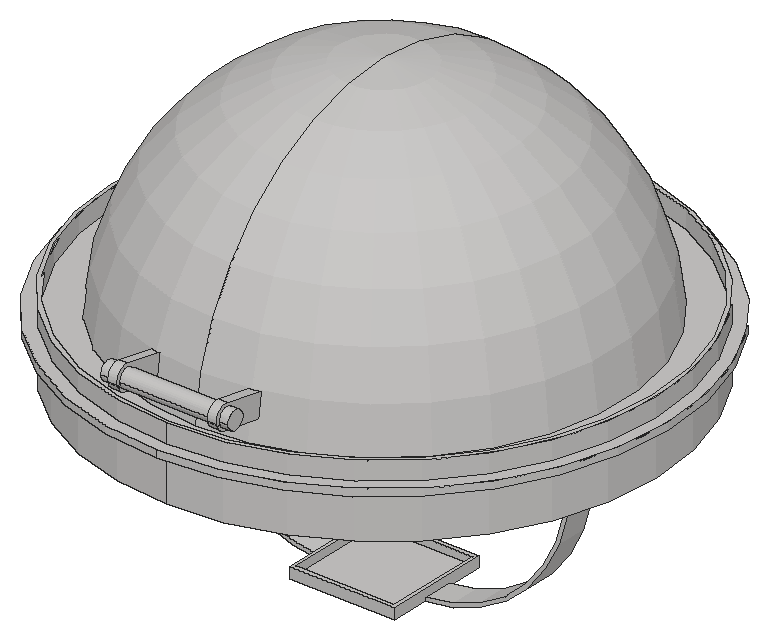
Revit family "QF_Vollrath_DI_46268", category Specialty Equipment, Revit 2016
Family settings
  Part Type = Normal
  Round Connector Dimension = Use Diameter
  OmniClass Number = 23.40.40.14
  OmniClass Title = Food Service Equipment
  Work Plane-Based = No
  Always vertical = Yes
  Cut with Voids When Loaded = No
  Shared = No
  Room Calculation Point = No
Parameters
  Weight in Pounds = 30.36
  Watermarked By = "http://revitwatermark.com"
  URL Cutsheet = ""
  URL = "www.vollrathco.com"
  Status [instance] = ""
  Specification by User [instance] = ""
  Specification by Manufacturer [instance] = ""
  Serial Number [instance] = ""
  Seismic Rating [instance] = ""
  SMACNA No [instance] = ""
  Revision Code [instance] = ""
  NAFEM Spec ID Number [instance] = ""
  Model = "46268"
  Masterspec [instance] = ""
  Manufacturer = "Vollrath"
  Item Number [instance] = "-"
  Installed By [instance] = ""
  Height AFF [instance] = 3' - 0"
  Furnished By [instance] = ""
  Foodservice Equipment Identifier [instance] = yes
  Description = "Drop-In Chafer: New York, New York"
  CSI MasterFormat = "11 40 00"
  Assembly Code = "E1090310"
Reference planes (in)
  plane 1 "BACK": y = 0
  plane 2: z = 0
  plane 3 "LEFT": x = -12
  plane 4 "RIGHT": x = 7.125
  plane 5 "FRONT": y = -19.125
  plane 6 "Table Top": z = 36
  plane 7 "Center LR": y = -9.5625
  plane 8 "Center FB": x = -2.4375
  plane 9: z = 36.25
  plane 10: z = 36.875
  plane 11 "Handle": z = 37.5
  plane 12: z = 34.375
  plane 13: z = 32.875
  plane 14 "BOTTOM": z = 28.125
  plane 15: z = 28.5
  plane 16: x = -4.25
  plane 17: x = -0.625
  plane 18: y = -7.75
  plane 19: y = -11.375
Forms (in)
  Extrusion 1, solid, material "QF_Finishes_Stainless Steel"
    sketch origin (0, 0, 36) x (0, 1, 0) y (-1, 0, 0)
      loop
        circle (-9.5625, 2.4375) r 9.8125
    from 0 to 0.25
  Extrusion 2, solid, material "QF_Finishes_Stainless Steel"
    sketch origin (0, 0, 36) x (0, 1, 0) y (-1, 0, 0)
      loop
        circle (-9.5625, 2.4375) r 9.375
      loop
        circle (-9.5625, 2.4375) r 9.25
    from 0 to 0.875
  Revolve 3, solid, material "QF_Finishes_Polished Steel"
    sketch origin (-2.4375, 0, 0) x (0, 1, 0) y (0, 0, 1)
      loop
        line (-9.5625, 36.25) -> (-1.4375, 36.25)
        arc (-1.4375, 36.25) -> (-3.94157, 41.77709) -> (-9.5625, 44.06275) r 8.18775
        line (-9.5625, 44.06275) -> (-9.5625, 36.25)
      axis (-9.5625, 44.06275) -> (-9.5625, 36.25)
    angle from 0 to 360
  Extrusion 4, solid, material "QF_Finishes_Polished Steel"
    sketch origin (-2.4375, 3.16906, 0) x (0, 1, 0) y (0, 0, 1)
      loop
        line (-19.85058, 37.66823) -> (-21.8103, 38.04916)
        arc (-21.8103, 38.04916) -> (-22.2866, 37.72789) -> (-21.96533, 37.25159) r 0.40625
        line (-21.96533, 37.25159) -> (-20.00478, 36.87049)
        arc (-20.00478, 36.87049) -> (-19.94067, 37.27187) -> (-19.85058, 37.66823) r 6.24134
      loop
        circle (-21.88781, 37.65037) r 0.3125
    from 1.5625 to 1.875
  Extrusion 5, solid, material "QF_Finishes_Polished Steel"
    sketch origin (-2.4375, 3.16906, 0) x (0, 1, 0) y (0, 0, 1)
      loop
        line (-19.88689, 37.67529) -> (-21.8103, 38.04916)
        arc (-21.8103, 38.04916) -> (-22.2866, 37.72789) -> (-21.96533, 37.25159) r 0.40625
        line (-21.96533, 37.25159) -> (-20.02267, 36.87397)
        arc (-20.02267, 36.87397) -> (-19.96784, 37.27684) -> (-19.88689, 37.67529) r 6.24134
      loop
        circle (-21.88781, 37.65037) r 0.3125
    from -1.5625 to -1.875
  Extrusion 6, solid, material "QF_Finishes_Polished Steel"
    sketch origin (-2.4375, 3.16906, 0) x (0, 1, 0) y (0, 0, 1)
      loop
        circle (-21.88781, 37.65037) r 0.3125
    from -2.1875 to 2.1875
  Extrusion 7, solid, material "QF_Finishes_Stainless Steel"
    sketch origin (0, 0, 36) x (0, 1, 0) y (-1, 0, 0)
      loop
        circle (-9.5625, 2.4375) r 9.375
      loop
        circle (-9.5625, 2.4375) r 9.25
    from 0 to -1.625
  Revolve 8, solid, material "QF_Finishes_Stainless Steel"
    sketch origin (-2.4375, 0, 0) x (0, 1, 0) y (0, 0, 1)
      loop
        line (-9.5625, 36) -> (-9.5625, 32.875) -> (-3.75, 32.875)
        arc (-3.75, 32.875) -> (-3.39645, 33.02145) -> (-3.25, 33.375) r 0.5
        line (-3.25, 33.375) -> (-3.25, 36) -> (-9.5625, 36)
      axis (-9.5625, 36) -> (-9.5625, 32.875)
    angle from 0 to 360
  Extrusion 9, solid, material "QF_Finishes_Stainless Steel"
    sketch origin (0, 0, 28.125) x (0, 1, 0) y (-1, 0, 0)
      loop
        line (-7.75, 4.25) -> (-11.375, 4.25) -> (-11.375, 0.625) -> (-7.75, 0.625) -> (-7.75, 4.25)
      loop
        line (-7.875, 4.125) -> (-11.25, 4.125) -> (-11.25, 0.75) -> (-7.875, 0.75) -> (-7.875, 4.125)
    from 0 to 0.375
  Extrusion 10, solid, material "QF_Finishes_Stainless Steel"
    sketch origin (0, 0, 28.125) x (0, 1, 0) y (-1, 0, 0)
      loop
        line (-7.875, 4.125) -> (-11.25, 4.125) -> (-11.25, 0.75) -> (-7.875, 0.75) -> (-7.875, 4.125)
    from 0 to 0.125
  Extrusion 11, solid, material "QF_Finishes_Stainless Steel"
    sketch origin (0, -9.5625, 0) x (1, 0, 0) y (0, 0, 1)
      loop
        line (-9, 36) -> (-9, 33.18702)
        arc (-9, 33.18702) -> (-7.62655, 29.71619) -> (-4.25, 28.125) r 5.07227
        line (-4.25, 28.125) -> (-4.25, 28.25026)
        arc (-4.25, 28.25026) -> (-7.53812, 29.80463) -> (-8.875, 33.18702) r 4.94727
        line (-8.875, 33.18702) -> (-8.875, 36) -> (-9, 36)
      loop
        line (4.375, 36) -> (4.25, 36) -> (4.25, 33.4375)
        arc (4.25, 33.4375) -> (2.83998, 29.87824) -> (-0.625, 28.25024) r 5.19727
        line (-0.625, 28.25024) -> (-0.625, 28.125)
        arc (-0.625, 28.125) -> (2.92841, 29.78981) -> (4.375, 33.4375) r 5.32227
        line (4.375, 33.4375) -> (4.375, 36)
    from -0.5 to 0.5
Lines and regions (in)
  symbolic lines
    curve 1: arc (-0.25, -18.42872, 28.125) -> (-2.4375, -0.43041, 28.125) -> (-4.625, -18.42872, 28.125) r 9.13209
    curve 2: circle (-2.4375, -9.5625, 28.125) r 8.12952 normal (0, 0, 1)
    curve 3: line (-4.3125, -17.47284, 28.125) -> (-4.3125, -19.125, 28.125)
    curve 4: line (-4, -19.125, 28.125) -> (-4, -17.54045, 28.125)
    curve 5: line (-4.625, -18.40625, 28.125) -> (-4.625, -19.03125, 28.125)
    curve 6: line (-0.25, -19.03125, 28.125) -> (-0.25, -18.40625, 28.125)
    curve 7: line (-0.5625, -19.125, 28.125) -> (-0.5625, -17.47284, 28.125)
    curve 8: line (-0.875, -17.54045, 28.125) -> (-0.875, -19.125, 28.125)
    curve 9: line (-4.625, -18.40625, 28.125) -> (-4.3125, -18.40625, 28.125)
    curve 10: line (-4, -18.40625, 28.125) -> (-0.875, -18.40625, 28.125)
    curve 11: line (-0.25, -19.03125, 28.125) -> (-0.5625, -19.03125, 28.125)
    curve 12: line (-4.3125, -19.125, 28.125) -> (-4, -19.125, 28.125)
    curve 13: line (-0.875, -19.125, 28.125) -> (-0.5625, -19.125, 28.125)
    curve 14: line (-4.3125, -19.03125, 28.125) -> (-4.625, -19.03125, 28.125)
    curve 15: line (-0.875, -19.03125, 28.125) -> (-4, -19.03125, 28.125)
    curve 16: line (-0.5625, -18.40625, 28.125) -> (-0.25, -18.40625, 28.125)
    curve 17: arc (-0.25, -18.87806, 28.125) -> (-2.4375, 0.00645, 28.125) -> (-4.625, -18.87806, 28.125) r 9.56895
Dimensions and locks (in)
  locked: plane 5 "FRONT" to plane 1 "BACK" at 19.125
  locked: plane 3 "LEFT" to plane 4 "RIGHT" at 19.125
  "Height AFF": plane 6 "Table Top" to plane 2
  equal spacing: plane 5 "FRONT", plane 7 "Center LR", plane 1 "BACK"
  equal spacing: plane 3 "LEFT", plane 8 "Center FB", plane 4 "RIGHT"
  locked: plane 9 to plane 6 "Table Top" at 0.25
  locked: plane 10 to plane 9 at 0.625
  locked: plane 11 "Handle" to plane 10 at 0.625
  locked: plane 6 "Table Top" to plane 12 at 1.625
  locked: plane 12 to plane 13 at 1.5
  locked: plane 13 to plane 14 "BOTTOM" at 4.75
  locked: plane 15 to plane 14 "BOTTOM" at 0.375
  plane 16 to plane 8 "Center FB" to plane 17 = 0' - 1 13/16" locked, 0' - 1 13/16" locked
  plane 19 to plane 7 "Center LR" to plane 18 = 0' - 1 13/16" locked, 0' - 1 13/16" locked
  aligned and locked: level to plane 2
  aligned and locked: plane 9 to Extrusion 1
  aligned and locked: plane 10 to Extrusion 2
  aligned and locked: plane 9 to Revolve 3 sketch curve
  aligned and locked: Extrusion 7 to plane 12
  aligned and locked: plane 6 "Table Top" to Revolve 8 sketch curve
  aligned and locked: plane 7 "Center LR" to Revolve 8 sketch curve
  aligned and locked: Revolve 8 sketch curve to plane 13
  aligned and locked: plane 18 to Extrusion 9 sketch curve
  aligned and locked: plane 16 to Extrusion 9 sketch curve
  aligned and locked: plane 19 to Extrusion 9 sketch curve
  aligned and locked: plane 17 to Extrusion 9 sketch curve
  aligned and locked: plane 6 "Table Top" to Extrusion 11 sketch curve  (x2)
Automatic sketch dimensions
  plane 7 "Center LR" to Extrusion 1 sketch curve = 0' - 0"
  Extrusion 1 sketch curve to plane 8 "Center FB" = 0' - 0"
  plane 7 "Center LR" to Extrusion 2 sketch curve = 0' - 0"
  Extrusion 2 sketch curve to plane 8 "Center FB" = 0' - 0"
  Revolve 3 sketch curve to plane 7 "Center LR" = 0' - 0"  (x2)
  plane 13 to Revolve 3 sketch curve = 0' - 3.00017"
  plane 7 "Center LR" to Revolve 3 sketch curve = 0' - 0.05417"
  plane 1 "BACK" to Revolve 3 sketch curve = 0' - 1 7/16"
  Revolve 3 sketch curve to level = 2' - 0"
  Revolve 3 sketch curve to Revolve 3 sketch curve = 1' - 5.58988"
  Extrusion 2 sketch curve to Extrusion 2 sketch curve = 0' - 0"  (x2)
  plane 11 "Handle" to Extrusion 6 sketch curve = 0' - 0.15037"
  Extrusion 6 sketch curve to plane 5 "FRONT" = 0' - 0 13/32"
  Extrusion 5 sketch curve to Extrusion 5 sketch curve = 0' - 0"  (x2)
  Extrusion 5 sketch curve to plane 5 "FRONT" = 0' - 0.32873"
  plane 11 "Handle" to Extrusion 5 sketch curve = 0' - 0.15037"
  Extrusion 5 sketch curve to plane 5 "FRONT" = 0' - 0 13/32"
  Extrusion 5 sketch curve to Extrusion 5 sketch curve = 0' - 0.07752"
  Extrusion 5 sketch curve to plane 10 = 0' - 0.00103"
  Extrusion 5 sketch curve to Extrusion 5 sketch curve = 0' - 1.94266"
  Extrusion 5 sketch curve to Extrusion 5 sketch curve = 0' - 0.13578"
  plane 11 "Handle" to Extrusion 5 sketch curve = 0' - 0.17529"
  Extrusion 5 sketch curve to plane 9 = 0' - 0.01587"
  Extrusion 5 sketch curve to plane 11 "Handle" = 0' - 0.24841"
  Extrusion 4 sketch curve to Extrusion 4 sketch curve = 0' - 0"  (x2)
  Extrusion 4 sketch curve to plane 5 "FRONT" = 0' - 0.32873"
  plane 11 "Handle" to Extrusion 4 sketch curve = 0' - 0.15037"
  Extrusion 4 sketch curve to plane 5 "FRONT" = 0' - 0 13/32"
  Extrusion 4 sketch curve to Extrusion 4 sketch curve = 0' - 0.07752"
  Extrusion 4 sketch curve to plane 10 = 0' - 0.00451"
  Extrusion 4 sketch curve to Extrusion 4 sketch curve = 0' - 1.96055"
  plane 11 "Handle" to Extrusion 4 sketch curve = 0' - 0.16823"
  Extrusion 4 sketch curve to Extrusion 4 sketch curve = 0' - 0.15421"
  Extrusion 4 sketch curve to plane 9 = 0' - 0.16269"
  Extrusion 4 sketch curve to plane 11 "Handle" = 0' - 0.24841"
  Extrusion 7 sketch curve to Extrusion 7 sketch curve = 0' - 0"  (x2)
  plane 7 "Center LR" to Extrusion 7 sketch curve = 0' - 0"
  Extrusion 7 sketch curve to plane 8 "Center FB" = 0' - 0"
  Revolve 8 sketch curve to plane 7 "Center LR" = 0' - 0"
  plane 1 "BACK" to Revolve 8 sketch curve = 0' - 3 3/4"
  Revolve 8 sketch curve to Revolve 8 sketch curve = 0' - 0 1/2"
  Revolve 8 sketch curve to level = 2' - 0"
  plane 11 "Handle" to Revolve 8 sketch curve = 2' - 0.40238"
  plane 19 to Extrusion 9 sketch curve = 0' - 0 1/8"
  plane 18 to Extrusion 9 sketch curve = 0' - 0 1/8"
  plane 17 to Extrusion 9 sketch curve = 0' - 0 1/8"
  plane 16 to Extrusion 9 sketch curve = 0' - 0 1/8"
  plane 18 to Extrusion 10 sketch curve = 0' - 0 1/8"
  plane 17 to Extrusion 10 sketch curve = 0' - 0 1/8"
  plane 16 to Extrusion 10 sketch curve = 0' - 0 1/8"
  plane 19 to Extrusion 10 sketch curve = 0' - 0 1/8"
  Extrusion 11 sketch curve to Extrusion 11 sketch curve = 0' - 0"  (x4)
  Extrusion 11 sketch curve to plane 14 "BOTTOM" = 0' - 0"  (x2)
  Extrusion 11 sketch curve to plane 16 = 0' - 0"
  plane 17 to Extrusion 11 sketch curve = 0' - 0"
  plane 3 "LEFT" to Extrusion 11 sketch curve = 0' - 3 1/8"
  Extrusion 11 sketch curve to Extrusion 11 sketch curve = 0' - 0 1/8"  (x2)
  plane 16 to Extrusion 11 sketch curve = 0' - 0.32227"
  plane 17 to Extrusion 11 sketch curve = 0' - 0.32227"
  plane 13 to Extrusion 11 sketch curve = 0' - 0 9/16"
  curve 1 to curve 2 = 0' - 0"
  curve 1 to curve 17 = 0' - 0"  (x2)
  curve 2 to curve 17 = 0' - 0"
  plane 5 "FRONT" to curve 8 = 0' - 0"
  plane 5 "FRONT" to curve 12 = 0' - 0"
  plane 7 "Center LR" to curve 2 = 0' - 0"
  curve 17 to plane 8 "Center FB" = 0' - 0"
  curve 5 to plane 5 "FRONT" = 0' - 0 3/32"
  curve 6 to plane 5 "FRONT" = 0' - 0 3/32"
  curve 15 to plane 5 "FRONT" = 0' - 0 3/32"
  curve 6 to curve 17 = 0' - 0.15319"
  curve 5 to curve 17 = 0' - 0.15319"
  curve 17 to curve 1 = 0' - 0.44934"
  plane 17 to curve 10 = 0' - 0 1/4"
  curve 15 to curve 10 = 0' - 0 5/8"
  curve 10 to curve 16 = 0' - 0"
  curve 9 to plane 16 = 0' - 0 1/16"
  curve 9 to curve 10 = 0' - 0"
  plane 16 to curve 4 = 0' - 0 1/4"
  curve 10 to curve 4 = 0' - 0.8658"
  curve 16 to curve 16 = 0' - 0 5/16"
  curve 11 to plane 17 = 0' - 0 1/16"
  radius of Extrusion 1 sketch curve = 0' - 9 13/16"
  radius of Extrusion 2 sketch curve = 0' - 9 3/8"
  radius of Extrusion 2 sketch curve = 0' - 9 1/4"
  radius of Extrusion 6 sketch curve = 0' - 0 5/16"
  radius of Extrusion 5 sketch curve = 0' - 0 5/16"
  radius of Extrusion 4 sketch curve = 0' - 0 5/16"
  radius of Extrusion 7 sketch curve = 0' - 9 3/8"
  radius of Extrusion 7 sketch curve = 0' - 9 1/4"
